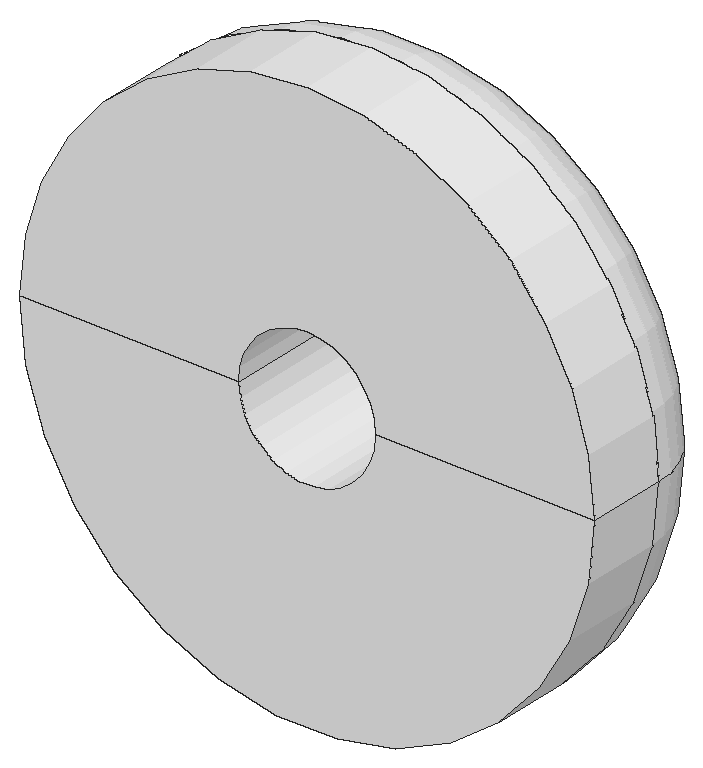
Revit family "111014002058001", category Modelos genéricos, Revit 2018
Family settings
  Puede alojar armadura = No
  Cota de conector redondo = Diámetro de uso
  Tipo de pieza = Normal
  Se basa en plano de trabajo = No
  Siempre vertical = No
  Corte con vacíos al cargar = No
  Compartido = No
  Punto de cálculo de habitación = No
Parameters (values of type "SOPORTE BARRA BANO/CLOSET BLANCO")
  Ventajas = ""
  Uso = "Se instala en los baños para colgar la cortina de las duchas.\r\nEn el caso de ser instalado en el closet, se utiliza para colgar la ropa"
  Unidad = "1 Un"
  URL = "https://www.empresascnp.cl/"
  Num SKUs = "111014002058001"
  Nombre SKU = "SOPORTE BARRA BANO/CLOSET BLANCO"
  Modelo = "SOPORTE BARRA BANO/CLOSET"
  Material = PVC rigido blanco
  Url Ficha tecnica = "https://empresascnp.cl/wp-content/uploads//pdf/ficha-tecnica-soporte-barra-bano-closet-blanco-bolsa-100un.pdf"
  Largo = 1200.00 mm
  Espesor = 0.00 mm
  Empresa = "CNP SPA."
  Dureza = ""
  Dimension = 0.00 mm
  Description = ""
  Contacto = "info@empresascnp.cl"
  Color = "Blanco o café."
  Aplicacion = "Soporte para barra en baño y closet."
Reference planes
  plane 1 "Center F/B": y = 0
  plane 2: z = 0
  plane 3 "Center L/R": x = 0
  plane 4: z = 0
Forms (mm)
  Revolve 1, solid, material "PVC rigido blanco" <- "Material"
    sketch origin (0, 600, 0) x (1, 0, 0) y (0, 1, 0)
      loop
        line (7.7, -600) -> (32.3, -600) -> (32.3, -590.95)
        arc (32.3, -590.95) -> (29.371, -583.879) -> (22.3, -580.95) r 10
        line (22.3, -580.95) -> (12.7, -580.95) -> (12.7, -598) -> (9.7, -598) -> (9.7, -580.95) -> (7.7, -580.95) -> (7.7, -600)
      axis (0, -600) -> (0, -580.95)
    angle from 0 to 360
Dimensions and locks
  "Dimension": plane 4 to level
Automatic sketch dimensions
  Revolve 1 sketch curve to plane 3 "Center L/R" = 0.00 mm
  plane 1 "Center F/B" to Revolve 1 sketch curve = 0.00 mm
  plane 3 "Center L/R" to Revolve 1 sketch curve = 7.70 mm
  Revolve 1 sketch curve to Revolve 1 sketch curve = 2.00 mm
  Revolve 1 sketch curve to Revolve 1 sketch curve = 3.00 mm
  Revolve 1 sketch curve to Revolve 1 sketch curve = 9.60 mm
  Revolve 1 sketch curve to plane 1 "Center F/B" = 2.00 mm
  plane 1 "Center F/B" to Revolve 1 sketch curve = 30.00 mm
  Revolve 1 sketch curve to Revolve 1 sketch curve = 60.95 mm
  Revolve 1 sketch curve to plane 1 "Center F/B" = 9.05 mm
  Revolve 1 sketch curve to Revolve 1 sketch curve = 10.00 mm
  Revolve 1 sketch curve to Revolve 1 sketch curve = 0.00 mm
